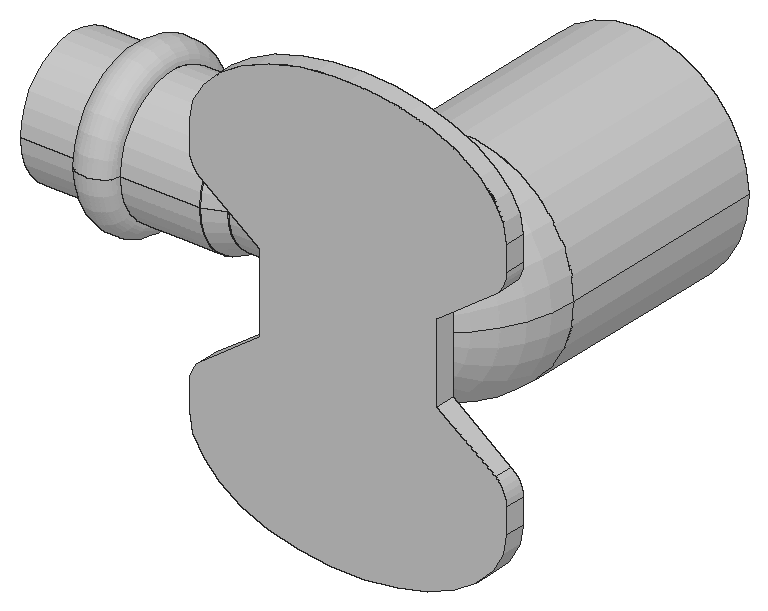
Revit family "PF_Отвод  [Фитинг из нержавеющей стали - пресс-водорозетка VTi.954.I] - VALTEC", category Соединительные детали трубопроводов, Revit 2018
Family settings
  Размер круглого соединителя = Использовать диаметр
  Тип детали = Отвод
  На основе рабочей плоскости = Нет
  Всегда вертикально = Да
  При загрузке вырезать с полостями = Нет
  Общий = Нет
Parameters (values of type "VTi.954")
  угол [instance] = if(Отзеркалить, 90.00°, 0.00°)  # 0.00°
  Таблица 2 = "PF_Отвод  [Фитинг из нержавеющей стали - пресс-водорозетка VTi.954.I] - VALTEC - Таблица 2"  # constant formula
  Таблица 1 = "PF_Отвод  [Фитинг из нержавеющей стали - пресс-водорозетка VTi.954.I] - VALTEC - Таблица 1"  # constant formula
  Отзеркалить [instance] = no
  Направление потока [instance] = A : A
  Назеркалить [instance] = not(Отзеркалить)  # yes
  КМС [instance] = size_lookup(Таблица 2, "КМС", 0, k1, k2, n)  # 1.01
  Изготовитель = "VALTEC"  # constant formula
  n [instance] = if(Направление потока = B, 1 mm, 0 mm)  # 0 mm
  l5 [instance] = if(Отзеркалить, L2 - l3, 0 mm)  # 0 mm
  l4 [instance] = if(Отзеркалить, 0 mm, L2 - l3)  # 12.635 mm
  l3 [instance] = (L2 * 63.9) / 100  # 22.365 mm
  l2 [instance] = (L1 * 48.5) / 100  # 19.4 mm
  l1 [instance] = (L2 * 63.9) / 100 / 2  # 11.183 mm
  d1 [instance] = (dн * 86.4) / 100  # 11.75 mm
  R [instance] = size_lookup(Таблица 1, "R", 0 mm, k1, k2)  # 15 mm
  L2 [instance] = size_lookup(Таблица 1, "L2", 0 mm, k1, k2)  # 35 mm
  k2 [instance] = 15 mm
  B [instance] = B : B
  ADSK_Расход жидкости [instance] = 0.0 L/s
  ADSK_Размер_УголПоворота [instance] = 90.00°  # constant formula
  d [instance] = size_lookup(Таблица 1, "d", 0 mm, k1, k2)  # 12 mm
  URL = "https://valtec.ru/"
  L1 [instance] = size_lookup(Таблица 1, "L1", 0 mm, k1, k2)  # 40 mm
  ADSK_Примечание [instance] = ""
  ADSK_Позиция [instance] = ""
  ADSK_Обозначение [instance] = "VTi.954"  # constant formula
  ADSK_Наименование [instance] = size_lookup(Таблица 1, "", "Данный типоразмер отсутствует", k1, k2)  # "Фитинг из нержавеющей стали - пресс-водорозетка 12 мм 1/2\""
  ADSK_Материал = Сталь, нержавеющая - VALTEC
  ADSK_Масса [instance] = size_lookup(Таблица 1, "ADSK_Масса", 0, k1, k2)  # 0.088
  ADSK_Марка [instance] = size_lookup(Таблица 2, "", "Данный типоразмер отсутствует", k1, k2)  # "VTi.954.I.001204"
  ADSK_Код изделия [instance] = size_lookup(Таблица 2, "", "Данный типоразмер отсутствует", k1, k2)  # "VTi.954.I.001204"
  ADSK_Завод-изготовитель [instance] = Изготовитель  # "VALTEC"
  ADSK_Единица измерения [instance] = "шт."  # constant formula
  ADSK_URL страницы изделия = "https://valtec.ru/catalog/sistemy_truboprovodov_iz_nerzhavejushhej_stali/fitingi_iz_nerzhavejushhej_stali/fiting_iz_nerjaveyushej_stali_press_vodorozetka_vti954i.html"
  ADSK_URL документации изделия = "https://valtec.ru/document/technical/VT.INOX-PRESS-0117.pdf"
  A [instance] = A : A
  2l [instance] = if(Отзеркалить, L1, (L2 * 63.9) / 100)  # 22.365 mm
  k1 [instance] = 12 mm
  1l [instance] = if(Отзеркалить, (L2 * 63.9) / 100, L1)  # 40 mm
  hr [instance] = size_lookup(Таблица 1, "hr", 0 mm, k1, k2)  # 22.8 mm
  dн [instance] = size_lookup(Таблица 1, "dн", 0 mm, k1, k2)  # 13.6 mm
Reference planes
  plane 1 "По центру (Вперед/Назад)": y = 0
  plane 2: z = 0
  plane 3 "По центру (Влево/Вправо)": x = 0
  plane 4: y = -12.635
  plane 5: x = 0
  plane 6: x = -40
  plane 7: y = 22.365
  plane 8: y = 19.4
Lines and regions (mm)
  reference lines
    curve 1: line (0, -12.635, 0) -> (16.254, -12.635, 0)
    curve 2: line (16.254, -12.635, 0) -> (16.254, -17.635, 0)
    curve 3: line (-40, 0, 0) -> (0, 0, 0)
    curve 4: line (0, 22.365, 0) -> (0, 0, 0)
    curve 5: line (0, 0, 0) -> (0, 11.183, 0)
    curve 6: line (0, 0, 0) -> (-19.4, 0, 0)
    curve 7: line (-19.4, 0, 0) -> (-19.4, -5, 0)
    curve 8: line (0, 11.183, 0) -> (2.503, 11.182, 0)
  model lines, detail levels coarse+medium
    curve 9: line (-40, 0, 0) -> (0, 0, 0)
    curve 10: line (0, 22.365, 0) -> (0, 0, 0)
Dimensions and locks
  "l5": plane 3 "По центру (Влево/Вправо)" to plane 5
  "l4": plane 4 to plane 1 "По центру (Вперед/Назад)"
  locked: curve 1 to curve 1 at 16.254
  locked: curve 2 to curve 2 at 5
  "1l": plane 6 to plane 3 "По центру (Влево/Вправо)"
  "2l": plane 1 "По центру (Вперед/Назад)" to plane 7
  "l2": plane 1 "По центру (Вперед/Назад)" to plane 8
  "l2": curve 6 to curve 6
  "l1": curve 5 to curve 5
  locked: curve 8 to curve 8 at 2.503
  locked: curve 7 to curve 7 at 5
  "угол": angle plane 4 to curve 1
  "угол": angle plane 4 to nested 1
  locked: curve 5 to curve 8 (angle 90.00°)
  locked: curve 7 to curve 6 (angle 90.00°)
  "угол": angle curve 6 to plane 1 "По центру (Вперед/Назад)"
  "угол": angle plane 3 "По центру (Влево/Вправо)" to curve 5
  "угол": angle nested 2 to plane 1 "По центру (Вперед/Назад)"
  "угол": angle plane 3 "По центру (Влево/Вправо)" to nested 3
  locked: curve 1 to curve 2 (angle 90.00°)
  aligned and locked: level to plane 2
  aligned and locked: plane 5 to curve 1
  aligned and locked: plane 4 to curve 1
  aligned and locked: nested 1 to curve 1
  aligned and locked: plane 6 to curve 3
  aligned and locked: plane 3 "По центру (Влево/Вправо)" to curve 3
  aligned and locked: plane 1 "По центру (Вперед/Назад)" to curve 3
  aligned and locked: plane 1 "По центру (Вперед/Назад)" to curve 4
  aligned and locked: plane 7 to curve 4
  aligned and locked: curve 4 to plane 3 "По центру (Влево/Вправо)"
  aligned and locked: curve 6 to nested 2
  aligned and locked: nested 2 to curve 7
  aligned and locked: nested 3 to curve 5
  aligned and locked: nested 3 to curve 8
  aligned and locked: nested 1 to curve 2
  aligned and locked: plane 7 to curve 10
  aligned and locked: plane 6 to curve 9
  aligned and locked: plane 3 "По центру (Влево/Вправо)" to curve 9
  aligned and locked: plane 1 "По центру (Вперед/Назад)" to curve 9
  aligned and locked: plane 1 "По центру (Вперед/Назад)" to curve 10
  aligned and locked: curve 10 to plane 3 "По центру (Влево/Вправо)"
Nested families
  nested 1: "пластина" at (-0.046, -12.635, 0) x (0, -1, 0) z (0, 0, 1), ADSK_Материал <- "ADSK_Материал", type "пластина", detail levels fine
    with l5 4.05 mm, l4 8.1 mm, l3 18.2 mm, l2 32.6 mm, l1 45.3 mm, ADSK_Материал Сталь, нержавеющая - VALTEC
  nested 2: "фитинг" at (0, 0, 0), L <- "L1", d <- "d", dн <- "dн", ADSK_Материал <- "ADSK_Материал", type "фитинг", detail levels fine
    with l4 19.4 mm, l3 8.24 mm, l2 4.36 mm, l1 5.84 mm, h 1.76 mm, dн 13.6 mm, d1 11.75 mm, d 12 mm, L 40 mm, ADSK_Материал Сталь, нержавеющая - VALTEC
  nested 3: "бочонок" at (0, 0, 0) x (0, -1, 0) z (0, 0, 1), L <- "L2", hr <- "hr", ADSK_Материал <- "ADSK_Материал", type "бочонок", detail levels fine
    with l3 11.4 mm, l2 12.635 mm, l1 22.365 mm, hr 22.8 mm, L 35 mm, ADSK_Материал Сталь, нержавеющая - VALTEC
Connectors
  piping at (-40, 0, 0), diameter 12, driven by "k1", driven by "ADSK_Размер_УголПоворота", driven by "КМС", driven by "ADSK_Расход жидкости"
    settings: on curve 3, index 1, connector inside diameter 609.6 mm, connector length 0 mm, flow factor 0, pipe flow 0.0 L/s, pressure drop 0.0 Pa, fitting loss kfactor 1.01, connector angle 90.00°, fixture units 0, engagement length 0 mm, angle of deflection 0.00°, flow configuration 0, flow direction 0, fitting loss method 2, system type 29, joint type 0, gender type 0, connector reference index 2, connector utility 0, adjustable connector yes, is connector primary yes, connector description ""
  piping at (0, 22.365, 0), diameter 15, driven by "ADSK_Размер_УголПоворота", driven by "k2"
    settings: on curve 4, index 2, connector inside diameter 609.6 mm, connector length 0 mm, flow factor 0, pipe flow 0.0 L/s, pressure drop 0.0 Pa, fitting loss kfactor 0, connector angle 90.00°, fixture units 0, engagement length 0 mm, angle of deflection 0.00°, flow configuration 0, flow direction 0, fitting loss method 0, system type 28, joint type 0, gender type 0, connector reference index 1, connector utility 0, adjustable connector no, is connector primary no, connector description ""
Definition of nested family "пластина"
  Parameters (values of type "пластина")
    l5 [instance] = l4 / 2  # 4.05 mm
    l4 [instance] = 8.1 mm
    l3 [instance] = 18.2 mm
    l2 [instance] = 32.6 mm
    l1 [instance] = 45.3 mm
    ADSK_Материал [instance] = none
  Reference planes
    plane 1 "По центру (Вперед/Назад)": y = 0
    plane 2: z = 0
    plane 3 "По центру (Влево/Вправо)": x = 0
  Forms (mm)
    Extrusion 1, solid, material <- "ADSK_Материал"
      sketch origin (0, 0, 0) x (0, 1, 0) y (0, 0, 1)
        loop
          line (-16.3, 13.35) -> (-16.3, 10.768)
          arc (-16.3, 10.768) -> (-15.986, 9.459) -> (-15.113, 8.435) r 2.888
          line (-15.113, 8.435) -> (-9.1, 4.05) -> (-9.1, -4.05) -> (-15.108, -8.432)
          arc (-15.108, -8.432) -> (-15.985, -9.461) -> (-16.3, -10.775) r 2.9
          line (-16.3, -10.775) -> (-16.3, -13.35)
          spline (-16.3, -13.35) -> (-15.744, -15.757) -> (-14.116, -18) -> (-11.525, -19.926) -> (-8.149, -21.404) -> (-4.218, -22.333) -> (0.001, -22.65) -> (4.219, -22.333) -> (8.151, -21.404) -> (11.526, -19.926) -> (14.117, -18) -> (15.745, -15.757) -> (16.3, -13.35)
          line (16.3, -13.35) -> (16.3, -10.775)
          arc (16.3, -10.775) -> (15.986, -9.46) -> (15.109, -8.431) r 2.9
          line (15.109, -8.431) -> (9.1, -4.05) -> (9.1, 4.05) -> (15.109, 8.431)
          arc (15.109, 8.431) -> (15.985, 9.46) -> (16.3, 10.774) r 2.9
          line (16.3, 10.774) -> (16.3, 13.35)
          spline (16.3, 13.35) -> (15.745, 15.757) -> (14.117, 18) -> (11.526, 19.926) -> (8.15, 21.404) -> (4.219, 22.333) -> (0, 22.65) -> (-4.218, 22.333) -> (-8.15, 21.404) -> (-11.526, 19.926) -> (-14.116, 18) -> (-15.744, 15.757) -> (-16.3, 13.35)
      from 0 to 2
  Lines and regions (mm)
    reference lines
      curve 1: line (0, 16.3, 0) -> (5, 16.3, 0)
  Dimensions and locks
    locked: curve 1 to curve 1 at 5
    locked: plane 1 "По центру (Вперед/Назад)" to curve 1 at 16.3
    aligned and locked: level to plane 2
Definition of nested family "фитинг"
  Parameters (values of type "фитинг")
    l4 [instance] = (L * 48.5) / 100  # 19.4 mm
    l3 [instance] = (L * 20.6) / 100  # 8.24 mm
    l2 [instance] = (L * 10.9) / 100  # 4.36 mm
    l1 [instance] = (L * 14.6) / 100  # 5.84 mm
    h [instance] = (L * 4.4) / 100  # 1.76 mm
    dн [instance] = 13.6 mm
    d1 [instance] = (dн * 86.4) / 100  # 11.75 mm
    d [instance] = 12 mm
    L [instance] = 40 mm
    ADSK_Материал [instance] = none
  Reference planes
    plane 1 "По центру (Вперед/Назад)": y = 0
    plane 2: z = 0
    plane 3 "По центру (Влево/Вправо)": x = 0
    plane 4: x = -19.4
    plane 5: x = -21.56
    plane 6: x = -29.8
    plane 7: x = -34.16
    plane 8: x = -40
    plane 9: y = 6.8
    plane 10: y = -6.8
  Forms (mm)
    Revolve 1, solid, material <- "ADSK_Материал"
      sketch origin (0, 0, 0) x (1, 0, 0) y (0, 1, 0)
        loop
          line (-34.16, 6.8) -> (-40, 6.8) -> (-40, 0) -> (-21.56, 0) -> (-21.56, 6.8) -> (-29.8, 6.8)
          spline (-29.8, 6.8) -> (-29.874, 7.256) -> (-30.092, 7.68) -> (-30.439, 8.045) -> (-30.89, 8.324) -> (-31.416, 8.5) -> (-31.98, 8.56) -> (-32.544, 8.5) -> (-33.07, 8.324) -> (-33.521, 8.045) -> (-33.868, 7.68) -> (-34.086, 7.256) -> (-34.16, 6.8)
        axis (-21.56, 0) -> (-40, 0)
      angle from 0 to 360
    Extrusion 2, solid, material <- "ADSK_Материал"
      sketch origin (0, 0, 0) x (0, 1, 0) y (0, 0, 1)
        loop
          circle (0, 0) r 5.875
      from -19.4 to 0
    Blend 3, solid, material <- "ADSK_Материал"
      base sketch origin (0, 0, 0) x (0, 1, 0) y (0, 0, 1)
        loop
          circle (0, 0) r 5.875
      top sketch origin (0, 0, 0) x (0, 1, 0) y (0, 0, 1)
        loop
          circle (0, 0) r 6.8
      from -19.4 to -21.56
  Lines and regions (mm)
    reference lines
      curve 1: line (-40, 0, 0) -> (0, 0, 0)
  Dimensions and locks
    "l1": plane 8 to plane 7
    "l2": plane 7 to plane 6
    "l3": plane 6 to plane 5
    "l4": plane 4 to plane 3 "По центру (Влево/Вправо)"
    "L": plane 8 to plane 3 "По центру (Влево/Вправо)"
    equal spacing: plane 9, plane 1 "По центру (Вперед/Назад)", plane 10
    "dн": plane 10 to plane 9
    "h": Revolve 1 sketch curve to Revolve 1 sketch curve
    "d1": diameter of Extrusion 2 sketch curve
    "d1": diameter of Blend 3 sketch curve
    "dн": diameter of Blend 3 sketch curve
    aligned and locked: level to plane 2
    aligned and locked: plane 5 to Revolve 1 sketch curve
    aligned and locked: plane 1 "По центру (Вперед/Назад)" to Revolve 1 sketch curve
    aligned and locked: plane 6 to Revolve 1 sketch curve
    aligned and locked: plane 9 to Revolve 1 sketch curve  (x2)
    aligned and locked: plane 7 to Revolve 1 sketch curve
    aligned and locked: Revolve 1 sketch curve to plane 8
    aligned and locked: Revolve 1 sketch curve to plane 1 "По центру (Вперед/Назад)"
    aligned and locked: level to Extrusion 2 sketch curve
    aligned and locked: plane 1 "По центру (Вперед/Назад)" to Extrusion 2 sketch curve
    aligned and locked: level to Blend 3 sketch curve  (x2)
    aligned and locked: plane 1 "По центру (Вперед/Назад)" to Blend 3 sketch curve  (x2)
    aligned and locked: Blend 3 to plane 4
    aligned and locked: Blend 3 to plane 5
    aligned and locked: Extrusion 2 to plane 4
    aligned and locked: plane 3 "По центру (Влево/Вправо)" to Extrusion 2
    aligned and locked: plane 3 "По центру (Влево/Вправо)" to curve 1
    aligned and locked: plane 8 to curve 1
    aligned and locked: plane 1 "По центру (Вперед/Назад)" to curve 1
  Automatic sketch dimensions
    Revolve 1 sketch curve to plane 8 = 1960 mm
    plane 3 "По центру (Влево/Вправо)" to Revolve 1 sketch curve = 2000 mm
Definition of nested family "бочонок"
  Parameters (values of type "бочонок")
    l3 [instance] = hr / 2  # 11.4 mm
    l2 [instance] = (L * 36.1) / 100  # 12.635 mm
    l1 [instance] = (L * 63.9) / 100  # 22.365 mm
    hr [instance] = 22.8 mm
    L [instance] = 35 mm
    ADSK_Материал [instance] = none
  Reference planes
    plane 1 "По центру (Вперед/Назад)": y = 0
    plane 2: z = 0
    plane 3 "По центру (Влево/Вправо)": x = 0
    plane 4: y = 11.4
    plane 5: x = -22.365
    plane 6: x = 12.635
    plane 7: y = -11.4
    plane 8: z = 11.4
    plane 9: z = -11.4
    plane 10: x = -11.182
  Forms (mm)
    Revolve 1, solid, material <- "ADSK_Материал"
      sketch origin (0, 0, 0) x (1, 0, 0) y (0, 1, 0)
        loop
          line (0, 11.4) -> (-22.365, 11.4) -> (-22.365, 0) -> (12.635, 0)
          spline (12.635, 0) -> (12.527, 1.488) -> (12.204, 2.951) -> (11.673, 4.363) -> (10.942, 5.7) -> (10.024, 6.94) -> (8.934, 8.061) -> (7.692, 9.044) -> (6.317, 9.873) -> (4.835, 10.532) -> (3.27, 11.012) -> (1.649, 11.302) -> (0, 11.4)
        axis (12.635, 0) -> (-22.365, 0)
      angle from 0 to 360
  Lines and regions (mm)
    reference lines
      curve 1: line (-11.183, 0, 0) -> (0, 0, 0)
      curve 2: line (-11.183, 11.4, 0) -> (-11.183, 0, 0)
  Dimensions and locks
    equal spacing: plane 4, plane 1 "По центру (Вперед/Назад)", plane 7
    "hr": plane 4 to plane 7
    "l1": plane 5 to plane 3 "По центру (Влево/Вправо)"
    "l2": plane 3 "По центру (Влево/Вправо)" to plane 6
    "l3": Revolve 1 sketch curve to Revolve 1 sketch curve
    equal spacing: plane 8, plane 2, plane 9
    "hr": plane 9 to plane 8
    equal spacing: plane 5, plane 10, plane 3 "По центру (Влево/Вправо)"
    aligned and locked: level to plane 2
    aligned and locked: plane 3 "По центру (Влево/Вправо)" to Revolve 1 sketch curve
    aligned and locked: plane 6 to Revolve 1 sketch curve
    aligned and locked: plane 1 "По центру (Вперед/Назад)" to Revolve 1 sketch curve
    aligned and locked: plane 4 to Revolve 1 sketch curve
    aligned and locked: Revolve 1 sketch curve to plane 5
    aligned and locked: Revolve 1 sketch curve to plane 1 "По центру (Вперед/Назад)"
    aligned and locked: plane 3 "По центру (Влево/Вправо)" to curve 1
    aligned and locked: plane 10 to curve 1
    aligned and locked: plane 4 to curve 2
    aligned and locked: plane 1 "По центру (Вперед/Назад)" to curve 2
    aligned and locked: curve 2 to plane 10
  Automatic sketch dimensions
    Revolve 1 sketch curve to plane 5 = 1975.946 mm
    Revolve 1 sketch curve to plane 6 = 1986.411 mm
